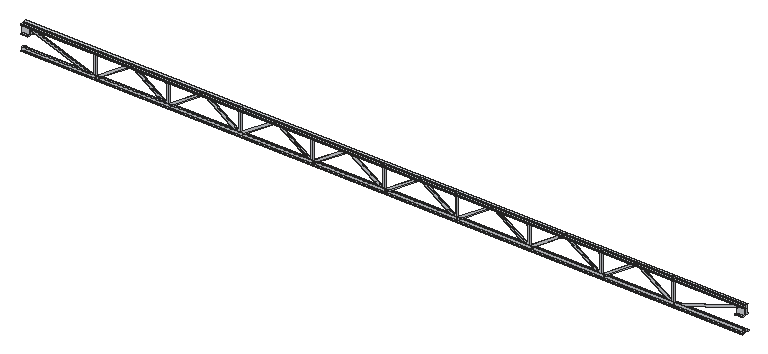
Revit family "M_Viga mestra VG", category Quadro estrutural, Revit 2019
Family settings
  Arredondamento do comprimento do framing estrutural = 1 mm
  Forma do corte = Não definido
  Material para o comportamento do modelo = Aço
  Exportar sempre como geometria = Sim
  Número OmniClass = 23.25.30.21.14.11
  Título OmniClass = Metal Joists
  ID de item do Seek = VG Joist Girder-0000-CAN-ENU
  Sempre na vertical = Sim
  Corte com vazios quando carregada = Não
  Representação simbólica = Da família
  Compartilhado = Não
  Exibir o pré-corte da família na vista da planta = Sim
Parameters (values of type "508VG")
  Espessura da teia = 25 mm
  Visibilidade do membro vertical = yes
  Material estrutural = none
  Deslocamento inicial [instance] = 0 mm
  Extensão inicial do cordão superior [instance] = 0 mm
  SpaceNum [instance] = 10
  Comprimento do assento = 150 mm
  Profundidade do assento [instance] = 190 mm
  LarguraPainel [instance] = Length / SpaceNum  # 1500 mm
  NumMatrizPainel [instance] = SpaceNum - 3  # 7
  Carga de ponto do painel [instance] = 18.00 kN
  Comprimento do deslocamento 2 [instance] = Painel final - Deslocamento final + Extensão final do cordão inferior  # 1500 mm
  Comprimento do deslocamento 1 [instance] = Painel final - Deslocamento inicial + Extensão inicial do cordão inferior  # 1500 mm
  Tipo de viga mestre = "VG"
  Painel final [instance] = LarguraPainel  # 1500 mm
  Deslocamento final [instance] = 0 mm
  Extensão final do cordão superior [instance] = 0 mm
  Linear = 508 mm
  Perna da corda = 63.5 mm
  Espessura da corda = 12.5 mm
  Extensão inicial do cordão inferior [instance] = 0 mm
  Extensão final do cordão inferior [instance] = 0 mm
  Código de montagem = "B1010350"
  Length [instance] = 15000 mm
Reference planes
  plane 1 "Centro (Frente/Trás)": y = 0
  plane 2: z = 0
  plane 3 "Centro (Esquerda/Direita)": x = 689.576
  plane 4 "Membro esquerdo": x = -5888.19
  plane 5 "Membro direito": x = 6786.41
  plane 6: y = 76
  plane 7: y = -76
  plane 8: z = 254
  plane 9: z = -254
  plane 10 "Esquerda": x = -6810.424
  plane 11 "Símbolo esquerdo de verga": x = -7218.19
  plane 12 "Símbolo direito de verga": x = 9375.427
  plane 13 "Direita": x = 8189.576
  plane 14: z = 64
  plane 15: x = -6660.424
  plane 16: x = -5310.424
  plane 17: x = 8039.576
  plane 18: x = 6689.576
  plane 19: y = 12.5
  plane 20: y = -12.5
  plane 21: z = 190.5
  plane 22: z = -190.5
  plane 23: z = -247.65
  plane 24: z = 247.65
  plane 25: x = -6810.424
  plane 26: x = 8189.576
  plane 27: x = -6810.424
  plane 28: x = 8189.576
  plane 29: x = 5189.576
  plane 30: x = -6810.424
  plane 31: x = 8189.576
  plane 32: x = -3810.424
  plane 33 "Esquerda do símbolo": x = -7218.19
  plane 34: x = -7218.19
  plane 35: x = 9375.427
  plane 36 "Direita do símbolo": x = 9375.427
Forms (mm)
  Extrusion 1, solid, material <- "Material estrutural", detail levels medium+fine
    sketch origin (689.576, 0, 0) x (0, 1, 0) y (0, 0, 1)
      loop
        line (76, 254) -> (12.5, 254) -> (12.5, 190.5) -> (25, 190.5) -> (25, 241.5) -> (76, 241.5) -> (76, 254)
      loop
        line (-76, 254) -> (-76, 241.5) -> (-25, 241.5) -> (-25, 190.5) -> (-12.5, 190.5) -> (-12.5, 254) -> (-76, 254)
    from -7500 to 7500
  Extrusion 2, solid, material <- "Material estrutural", detail levels medium+fine
    sketch origin (689.576, 0, 0) x (0, 1, 0) y (0, 0, 1)
      loop
        line (12.5, -190.5) -> (12.5, -254) -> (76, -254) -> (76, -241.5) -> (25, -241.5) -> (25, -190.5) -> (12.5, -190.5)
      loop
        line (-12.5, -190.5) -> (-25, -190.5) -> (-25, -241.5) -> (-76, -241.5) -> (-76, -254) -> (-12.5, -254) -> (-12.5, -190.5)
    from -7500 to 7500
  Extrusion 3, solid, material <- "Material estrutural", detail levels medium+fine
    sketch origin (689.576, 0, 0) x (0, 1, 0) y (0, 0, 1)
      loop
        line (76, 64) -> (76, 76.5) -> (25, 76.5) -> (25, 190.5) -> (12.5, 190.5) -> (12.5, 64) -> (76, 64)
      loop
        line (-76, 64) -> (-12.5, 64) -> (-12.5, 190.5) -> (-25, 190.5) -> (-25, 76.5) -> (-76, 76.5) -> (-76, 64)
    from 7350 to 7500
  Extrusion 4, solid, material <- "Material estrutural", detail levels medium+fine
    sketch origin (689.576, 0, 0) x (0, 1, 0) y (0, 0, 1)
      loop
        line (-76, 64) -> (-12.5, 64) -> (-12.5, 190.5) -> (-25, 190.5) -> (-25, 76.5) -> (-76, 76.5) -> (-76, 64)
      loop
        line (12.5, 64) -> (76, 64) -> (76, 76.5) -> (25, 76.5) -> (25, 190.5) -> (12.5, 190.5) -> (12.5, 64)
    from -7500 to -7350
  Sweep 5, solid, material <- "Material estrutural", detail levels fine
    path in 3D
      loop
        line (6689.576, 0, -247.65) -> (8039.576, 0, 190.5)
    profile "Teia-Perfil : Teia-Perfil" origin (7364.576, 0, -28.575) x (-0.308704, 0, 0.951158) y (0, -1, 0)
      loop
        line (-25.4, 18.85) -> (-25.4, 6.15) -> (25.4, 6.15) -> (25.4, 18.85) -> (-25.4, 18.85)
  Sweep 6, solid, material <- "Material estrutural", detail levels fine
    path in 3D
      loop
        line (-6660.424, 0, 190.5) -> (-5310.424, 0, -247.65)
    profile "Teia-Perfil : Teia-Perfil" origin (-5985.424, 0, -28.575) x (0.308704, 0, 0.951158) y (0, -1, 0)
      loop
        line (-25.4, 6.35) -> (-25.4, -6.35) -> (25.4, -6.35) -> (25.4, 6.35) -> (-25.4, 6.35)
Lines and regions (mm)
  symbolic lines, style "StructuralFraming", detail levels coarse
    curve 1: line (0, 76, 254) -> (0, 12.5, 254)
    curve 2: line (0, -76, -254) -> (0, -12.5, -254)
    curve 12: line (0, 12.5, -254) -> (0, 76, -254)
    curve 13: line (689.576, 12.5, -254) -> (689.576, 12.5, -190.5)
    curve 14: line (689.576, -12.5, -254) -> (689.576, -12.5, -190.5)
    curve 15: line (689.576, -12.5, 254) -> (689.576, -12.5, 190.5)
    curve 16: line (689.576, 12.5, 254) -> (689.576, 12.5, 190.5)
    curve 17: line (0, -12.5, 254) -> (0, -76, 254)
  symbolic lines, style "StructuralFraming", detail levels coarse+medium
    curve 3: line (0, 0, -254) -> (0, 0, 254)
  reference lines
    curve 4: line (-7068.19, 0, -377.508) -> (-7068.19, 0, 333.692)
    curve 5: line (-5568.19, 0, -383.858) -> (-5568.19, 0, 333.692)
    curve 6: line (9225.427, 0, -324.588) -> (9225.427, 0, 335.812)
    curve 7: line (7725.427, 0, -451.588) -> (7725.427, 0, 335.812)
  model lines, style "Viga mestra da travessa", detail levels coarse
    curve 8: line (7725.427, 0, -254) -> (-5568.19, 0, -254)
    curve 9: line (9375.427, 0, 254) -> (-7218.19, 0, 254)
  model lines, style "StructuralFraming", detail levels medium
    curve 10: line (-6660.424, 0, 190.5) -> (-5310.424, 0, -247.65)
    curve 11: line (6689.576, 0, -247.65) -> (8039.576, 0, 190.5)
  model lines, style "Caibro da teia", detail levels coarse
    curve 18: line (-5568.19, 0, -254) -> (-7068.19, 0, 254)
    curve 19: line (7725.427, 0, -254) -> (9225.427, 0, 254)
  sketch lines
    curve 20: line (6689.576, 0, -247.65) -> (8039.576, 0, 190.5)
    curve 21: line (-6660.424, 0, 190.5) -> (-5310.424, 0, -247.65)
  symbolic lines, detail levels fine
    curve 22: line (689.576, 12.5, 247.65) -> (689.576, -12.5, 247.65)
    curve 23: line (689.576, 12.5, -247.65) -> (689.576, -12.5, -247.65)
    curve 24: line (689.576, 12.5, -190.5) -> (689.576, 12.5, 190.5)
    curve 25: line (689.576, -12.5, -190.5) -> (689.576, -12.5, 190.5)
Dimensions and locks
  equal spacing: plane 9, plane 2, plane 8
  "Length": plane 10 "Esquerda" to plane 13 "Direita"
  equal spacing: plane 10 "Esquerda", plane 3 "Centro (Esquerda/Direita)", plane 13 "Direita"
  "Painel final": curve 5 to curve 4
  "Painel final": curve 6 to curve 7
  "Linear": plane 9 to plane 8
  "Profundidade do assento": plane 8 to plane 14
  "Painel final": plane 10 "Esquerda" to plane 16
  "Painel final": plane 13 "Direita" to plane 18
  "Espessura da teia": plane 19 to plane 20
  equal spacing: plane 19, plane 1 "Centro (Frente/Trás)", plane 20
  "Perna da corda": plane 20 to plane 7
  "Perna da corda": plane 6 to plane 19
  "Perna da corda": plane 9 to plane 22
  "Perna da corda": plane 21 to plane 8
  "Espessura da corda": plane 8 to Extrusion 1 sketch curve
  "Espessura da corda": Extrusion 1 sketch curve to plane 8
  "Espessura da corda": plane 20 to Extrusion 1 sketch curve
  "Espessura da corda": Extrusion 1 sketch curve to plane 19
  "Espessura da corda": plane 9 to Extrusion 2 sketch curve  (x2)
  "Espessura da corda": Extrusion 2 sketch curve to plane 19
  "Espessura da corda": plane 20 to Extrusion 2 sketch curve
  "Espessura da corda": plane 14 to Extrusion 3 sketch curve  (x2)
  "Espessura da corda": plane 20 to Extrusion 3 sketch curve
  "Espessura da corda": Extrusion 3 sketch curve to plane 19
  "Espessura da corda": plane 14 to Extrusion 4 sketch curve  (x2)
  "Espessura da corda": Extrusion 4 sketch curve to plane 19
  "Espessura da corda": plane 20 to Extrusion 4 sketch curve
  locked: plane 23 to plane 9 at 6.35
  locked: plane 8 to plane 24 at 6.35
  "Deslocamento inicial": plane 10 "Esquerda" to plane 27
  "Comprimento do assento": plane 27 to plane 15
  "Extensão inicial do cordão superior": plane 25 to plane 27
  "Deslocamento final": plane 28 to plane 13 "Direita"
  "Comprimento do assento": plane 17 to plane 28
  "Extensão final do cordão superior": plane 28 to plane 26
  "LarguraPainel": plane 18 to plane 29
  "Comprimento do deslocamento 1": plane 16 to plane 30
  "Comprimento do deslocamento 2": plane 31 to plane 18
  "LarguraPainel": plane 16 to plane 32
  equal spacing: group 1, group 2, group 3, group 4, group 5, group 6, group 7  (x3)
  "Comprimento do assento": curve 4 to plane 34
  "Extensão inicial do cordão superior": plane 34 to plane 33 "Esquerda do símbolo"
  "Deslocamento inicial": plane 34 to plane 11 "Símbolo esquerdo de verga"
  "Comprimento do assento": plane 35 to curve 6
  "Extensão final do cordão superior": plane 36 "Direita do símbolo" to plane 35
  "Deslocamento final": plane 12 "Símbolo direito de verga" to plane 35
  aligned and locked: curve 8 to plane 9
  aligned and locked: curve 9 to plane 8
  aligned and locked: curve 5 to curve 8
  aligned and locked: curve 7 to curve 8
  aligned and locked: plane 8 to Extrusion 1 sketch curve
  aligned and locked: Extrusion 1 sketch curve to plane 8
  aligned and locked: plane 6 to Extrusion 1 sketch curve
  aligned and locked: plane 7 to Extrusion 1 sketch curve
  aligned and locked: Extrusion 1 sketch curve to plane 21
  aligned and locked: plane 21 to Extrusion 1 sketch curve
  aligned and locked: plane 9 to Extrusion 2 sketch curve
  aligned and locked: Extrusion 2 sketch curve to plane 9
  aligned and locked: plane 6 to Extrusion 2 sketch curve
  aligned and locked: plane 7 to Extrusion 2 sketch curve
  aligned and locked: plane 19 to Extrusion 2 sketch curve
  aligned and locked: plane 20 to Extrusion 2 sketch curve
  aligned and locked: Extrusion 2 sketch curve to plane 22
  aligned and locked: plane 22 to Extrusion 2 sketch curve
  aligned and locked: Extrusion 3 sketch curve to plane 7
  aligned and locked: plane 14 to Extrusion 3 sketch curve
  aligned and locked: Extrusion 3 sketch curve to plane 14
  aligned and locked: Extrusion 3 sketch curve to plane 6
  aligned and locked: Extrusion 3 sketch curve to plane 20
  aligned and locked: Extrusion 3 sketch curve to plane 19
  aligned and locked: Extrusion 3 sketch curve to plane 21
  aligned and locked: plane 21 to Extrusion 3 sketch curve
  aligned and locked: Extrusion 3 to plane 17
  aligned and locked: plane 6 to Extrusion 4 sketch curve
  aligned and locked: Extrusion 4 sketch curve to plane 7
  aligned and locked: Extrusion 4 sketch curve to plane 19
  aligned and locked: plane 20 to Extrusion 4 sketch curve
  aligned and locked: plane 21 to Extrusion 4 sketch curve  (x2)
  aligned and locked: Extrusion 4 sketch curve to plane 14  (x2)
  aligned and locked: plane 15 to Extrusion 4
  aligned and locked: Extrusion 2 to curve 13
  aligned and locked: curve 13 to Extrusion 2
  aligned and locked: curve 2 to curve 14
  aligned and locked: curve 14 to Extrusion 2
  aligned and locked: Extrusion 1 to curve 15
  aligned and locked: curve 15 to Extrusion 1
  aligned and locked: curve 16 to Extrusion 1  (x2)
  aligned and locked: curve 1 to Extrusion 1
  aligned and locked: curve 11 to Extrusion 3
  aligned and locked: curve 4 to curve 18
  aligned and locked: curve 6 to curve 19
  aligned and locked: plane 25 to Extrusion 1
  aligned and locked: Extrusion 3 to plane 26
  aligned and locked: Extrusion 1 to plane 26
  aligned and locked: plane 25 to Extrusion 4
  aligned and locked: plane 15 to curve 10
  aligned and locked: Extrusion 1 to curve 10
  aligned and locked: plane 17 to curve 11
  aligned and locked: plane 1 "Centro (Frente/Trás)" to nested 1
  aligned and locked: nested 1 to plane 16
  aligned and locked: plane 9 to nested 1
  aligned and locked: plane 23 to curve 10
  aligned and locked: plane 16 to curve 10
  aligned and locked: plane 18 to curve 11
  aligned and locked: plane 23 to curve 11
  aligned and locked: Extrusion 2 to plane 30
  aligned and locked: plane 31 to Extrusion 2
  aligned and locked: plane 32 to nested 2
  aligned and locked: nested 2 to plane 8
  aligned and locked: plane 1 "Centro (Frente/Trás)" to nested 8
  aligned and locked: plane 29 to nested 8
  aligned and locked: nested 8 to plane 8
  aligned and locked: plane 33 "Esquerda do símbolo" to curve 9
  aligned and locked: plane 36 "Direita do símbolo" to curve 9
Automatic sketch dimensions
  Extrusion 1 sketch curve to plane 20 = 0 mm
  Extrusion 1 sketch curve to plane 19 = 0 mm
  curve 12 to plane 6 = 0 mm
  curve 1 to plane 6 = 0 mm
  curve 12 to plane 9 = 0 mm
  curve 12 to plane 19 = 0 mm
  curve 1 to plane 19 = 0 mm
  curve 17 to plane 8 = 0 mm
  curve 17 to plane 20 = 0 mm
  curve 17 to plane 7 = 0 mm
  plane 9 to curve 7 = 197.588 mm
  plane 9 to curve 5 = 129.858 mm
  plane 9 to curve 4 = 123.508 mm
  plane 9 to curve 6 = 70.588 mm
  curve 5 to plane 8 = 79.692 mm
  curve 4 to plane 8 = 79.692 mm
  curve 7 to plane 8 = 81.812 mm
  curve 6 to plane 8 = 81.812 mm
  curve 2 to plane 7 = 0 mm
  curve 2 to plane 9 = 0 mm
  curve 2 to plane 20 = 0 mm
  curve 3 to plane 1 "Centro (Frente/Trás)" = 0 mm
  curve 3 to plane 9 = 0 mm
  curve 23 to plane 23 = 0 mm
  curve 25 to plane 22 = 0 mm
  curve 24 to plane 22 = 0 mm
  curve 16 to plane 21 = 0 mm
  curve 15 to plane 21 = 0 mm
  curve 22 to plane 24 = 0 mm
  curve 3 to plane 8 = 0 mm
Nested families
  nested 1: "Teia angular VG" at (-5310.424, 0, 0), type "Teia angular VG"
  nested 2: "Teia angular VG" at (-3810.424, 0, 0), type "Teia angular VG"
  nested 3: "Teia angular VG" at (-2310.424, 0, 0), type "Teia angular VG"
  nested 4: "Teia angular VG" at (-810.424, 0, 0), type "Teia angular VG"
  nested 5: "Teia angular VG" at (689.576, 0, 0), type "Teia angular VG"
  nested 6: "Teia angular VG" at (2189.576, 0, 0), type "Teia angular VG"
  nested 7: "Teia angular VG" at (3689.576, 0, 0), type "Teia angular VG"
  nested 8: "Teia angular VG-Direita" at (5189.576, 0, 0), type "Teia angular VG-Direita"
Definition of nested family "Teia angular VG"
  Parameters
    MaterialTeia = none
    Espessura da teia = Espessura / 2  # 12.5 mm
    Deslocamento da teia = Perna da teia / 2  # 25.4 mm
    Perna da teia = 50.8 mm
    Visibilidade do membro vertical = yes
    Espessura = 25 mm
    AlturaPainel = 508 mm
    LarguraPainel = 1500 mm
    Assembly Code = ""
  Reference planes
    plane 1 "Centro (Frente/Trás)": y = 0
    plane 2: z = 0
    plane 3 "Centro (Esquerda/Direita)": x = 0
    plane 4: x = 1500
    plane 5: x = 750
    plane 6: z = -254
    plane 7: z = -228.6
    plane 8: z = 229
    plane 9: z = 254
    plane 10: y = -12.5
    plane 11: y = 12.5
    plane 12: z = 190.5
    plane 13: z = -190.5
  Forms (mm)
    Sweep 1, solid, material <- "MaterialTeia", detail levels fine
      path in 3D
        loop
          line (0, 0, -228.6) -> (25.4, 0, -228.6) -> (724.6, 0, 229) -> (775.4, 0, 229)
      profile origin (12.7, 0, -228.6) x (0, 0, 1) y (0, -1, 0)
        loop
          line (25.4, 0) -> (25.4, 12.5) -> (-25.4, 12.5) -> (-25.4, 0) -> (25.4, 0)
    Sweep 2, solid, material <- "MaterialTeia", detail levels fine
      path in 3D
        loop
          line (1500, 0, -228.6) -> (1474.6, 0, -228.6) -> (775.4, 0, 229) -> (724.6, 0, 229)
      profile origin (1487.3, 0, -228.6) x (0, 0, -1) y (0, -1, 0)
        loop
          line (-25.4, -12.5) -> (25.4, -12.5) -> (25.4, 0) -> (-25.4, 0) -> (-25.4, -12.5)
    Sweep 3, solid, material <- "MaterialTeia", detail levels fine
      path in 3D
        loop
          line (108.114, -12.5, -204.823) -> (717.145, -12.5, 193.765)
      profile origin (412.629, -12.5, -5.529) x (-0.54761, 0, 0.836733) y (0, -1, 0)
        loop
          line (0, 0) -> (12.5, 0) -> (12.5, 38.3) -> (0, 38.3) -> (0, 0)
    Sweep 4, solid, material <- "MaterialTeia", detail levels fine
      path in 3D
        loop
          line (1391.886, 12.5, -204.823) -> (782.855, 12.5, 193.765)
      profile origin (1087.371, 12.5, -5.529) x (0.54761, 0, 0.836733) y (0, 1, 0)
        loop
          line (0, 0) -> (12.5, 0) -> (12.5, 38.3) -> (0, 38.3) -> (0, 0)
    Sweep 5, solid, material <- "MaterialTeia", visible <- "Visibilidade do membro vertical", detail levels fine
      path origin (0, 0, 0) x (1, 0, 0) y (0, 1, 0)
        loop
          line (0, 12.5) -> (0, -12.5)
      profile origin (0, 0, 0) x (1, 0, 0) y (0, 0, 1)
        loop
          line (-25.4, 254) -> (-25.4, 171.45) -> (-14.287, 160.338) -> (-14.287, -160.338) -> (-25.4, -171.45) -> (-25.4, -254) -> (25.4, -254) -> (25.4, 254) -> (-25.4, 254)
  Cuts and joins
    joined: Sweep 2, Sweep 4
  Lines and regions (mm)
    model lines, detail levels medium+fine
      curve 1: line (0, 0, -254) -> (0, 0, 254)
      curve 2: line (0, 0, 254) -> (1500, 0, 254)
      curve 3: line (1500, 0, 254) -> (1500, 0, -254)
      curve 4: line (1500, 0, -254) -> (0, 0, -254)
    model lines, detail levels medium
      curve 5: line (724.6, 0, 229) -> (775.4, 0, 229)
      curve 6: line (0, 0, -228.6) -> (25.4, 0, -228.6)
      curve 7: line (1500, 0, -228.6) -> (1474.6, 0, -228.6)
      curve 8: line (25.4, 0, -228.6) -> (724.6, 0, 229)
      curve 9: line (775.4, 0, 229) -> (1474.6, 0, -228.6)
    sketch lines
      curve 10: line (0, 0, -228.6) -> (25.4, 0, -228.6)
      curve 11: line (25.4, 0, -228.6) -> (724.6, 0, 229)
      curve 12: line (724.6, 0, 229) -> (775.4, 0, 229)
      curve 13: line (1500, 0, -228.6) -> (1474.6, 0, -228.6)
      curve 14: line (775.4, 0, 229) -> (1474.6, 0, -228.6)
      curve 15: line (724.6, 0, 229) -> (775.4, 0, 229)
      curve 16: line (108.114, -12.5, -204.823) -> (717.145, -12.5, 193.765)
      curve 17: line (1391.886, 12.5, -204.823) -> (782.855, 12.5, 193.765)
    model lines, visible <- "Visibilidade do membro vertical", detail levels medium
      curve 18: line (0, 0, 254) -> (0, 0, -254)
  Dimensions and locks
    "LarguraPainel": plane 4 to plane 3 "Centro (Esquerda/Direita)"
    equal spacing: plane 4, plane 5, plane 3 "Centro (Esquerda/Direita)"
    plane 7 to plane 6 = 25.4 mm
    "Espessura": plane 9 to plane 8
    "AlturaPainel": plane 9 to plane 6
    equal spacing: plane 9, plane 2, plane 6
    "Espessura": plane 11 to plane 10
    equal spacing: plane 11, plane 1 "Centro (Frente/Trás)", plane 10
    locked: plane 9 to plane 12 at 63.5
    plane 13 to plane 6 = 63.5 mm
    "Deslocamento da teia": plane 7 to plane 6
    "Deslocamento da teia": curve 6 to plane 3 "Centro (Esquerda/Direita)"
    "Deslocamento da teia": curve 7 to plane 4
    "Deslocamento da teia": plane 5 to curve 5
    "Deslocamento da teia": curve 5 to plane 5
    "Perna da teia": Sweep 1 sketch curve to Sweep 1 sketch curve
    equal spacing: Sweep 1 sketch curve, plane 7, Sweep 1 sketch curve
    equal spacing: Sweep 2 sketch curve, profile plane, Sweep 2 sketch curve
    "Perna da teia": Sweep 2 sketch curve to Sweep 2 sketch curve
    "Perna da teia": plane 1 "Centro (Frente/Trás)" to Sweep 3 sketch curve
    "Espessura da teia": Sweep 3 sketch curve to Sweep 3 sketch curve
    "Perna da teia": plane 1 "Centro (Frente/Trás)" to Sweep 4 sketch curve
    "Espessura da teia": Sweep 4 sketch curve to Sweep 4 sketch curve
    equal spacing: Sweep 5 sketch curve, plane 3 "Centro (Esquerda/Direita)", Sweep 5 sketch curve
    "Perna da teia": Sweep 5 sketch curve to Sweep 5 sketch curve  (x2)
    locked: Sweep 5 sketch curve to Sweep 5 sketch curve at 82.55  (x2)
    locked: Sweep 5 sketch curve to Sweep 5 sketch curve at 11.113
    equal spacing: Sweep 5 sketch curve, plane 2, Sweep 5 sketch curve
    locked: Sweep 5 sketch curve to Sweep 5 sketch curve (angle 45.00°)  (x2)
    aligned and locked: plane 8 to curve 5
    aligned and locked: curve 7 to plane 7
    aligned and locked: plane 7 to curve 6
    aligned and locked: plane 10 to Sweep 1 sketch curve
    aligned and locked: Sweep 1 sketch curve to plane 1 "Centro (Frente/Trás)"
    aligned and locked: Sweep 2 sketch curve to plane 11
    aligned and locked: profile plane to Sweep 2 sketch curve
    aligned and locked: Sweep 1 to curve 16
    aligned and locked: Sweep 3 sketch curve to profile plane
    aligned and locked: plane 10 to Sweep 3 sketch curve
    aligned and locked: Sweep 4 sketch curve to plane 11
    aligned and locked: profile plane to Sweep 4 sketch curve
    aligned and locked: plane 11 to Sweep 5 sketch curve
    aligned and locked: plane 10 to Sweep 5 sketch curve
    aligned and locked: Sweep 5 sketch curve to plane 3 "Centro (Esquerda/Direita)"
    aligned and locked: Sweep 5 sketch curve to plane 6
    aligned and locked: Sweep 5 sketch curve to plane 9
    aligned and locked: curve 18 to plane 3 "Centro (Esquerda/Direita)"
    aligned and locked: plane 9 to curve 18
    aligned and locked: plane 6 to curve 18
  Automatic sketch dimensions
    curve 3 to plane 4 = 0 mm
Definition of nested family "Teia angular VG-Direita"
  Parameters
    MaterialTeia = none
    Espessura da teia = Espessura / 2  # 12.5 mm
    Deslocamento da teia = Perna da teia / 2  # 25.4 mm
    Perna da teia = 50.8 mm
    Visibilidade do membro vertical = yes
    Espessura = 25 mm
    AlturaPainel = 508 mm
    LarguraPainel = 1500 mm
    Assembly Code = ""
  Reference planes
    plane 1 "Centro (Frente/Trás)": y = 0
    plane 2: z = 0
    plane 3 "Centro (Esquerda/Direita)": x = 0
    plane 4: x = 1500
    plane 5: x = 750
    plane 6: z = -254
    plane 7: z = -228.6
    plane 8: z = 229
    plane 9: z = 254
    plane 10: y = -12.5
    plane 11: y = 12.5
    plane 12: z = 190.5
    plane 13: z = -190.5
  Forms (mm)
    Sweep 1, solid, material <- "MaterialTeia", detail levels fine
      path in 3D
        loop
          line (0, 0, -228.6) -> (25.4, 0, -228.6) -> (724.6, 0, 229) -> (775.4, 0, 229)
      profile origin (12.7, 0, -228.6) x (0, 0, 1) y (0, -1, 0)
        loop
          line (25.4, 0) -> (25.4, 12.5) -> (-25.4, 12.5) -> (-25.4, 0) -> (25.4, 0)
    Sweep 2, solid, material <- "MaterialTeia", detail levels fine
      path in 3D
        loop
          line (1500, 0, -228.6) -> (1474.6, 0, -228.6) -> (775.4, 0, 229) -> (724.6, 0, 229)
      profile origin (1487.3, 0, -228.6) x (0, 0, -1) y (0, -1, 0)
        loop
          line (-25.4, -12.5) -> (25.4, -12.5) -> (25.4, 0) -> (-25.4, 0) -> (-25.4, -12.5)
    Sweep 3, solid, material <- "MaterialTeia", detail levels fine
      path in 3D
        loop
          line (108.114, -12.5, -204.823) -> (717.145, -12.5, 193.765)
      profile origin (412.629, -12.5, -5.529) x (-0.54761, 0, 0.836733) y (0, -1, 0)
        loop
          line (0, 0) -> (12.5, 0) -> (12.5, 38.3) -> (0, 38.3) -> (0, 0)
    Sweep 4, solid, material <- "MaterialTeia", detail levels fine
      path in 3D
        loop
          line (1391.886, 12.5, -204.823) -> (782.855, 12.5, 193.765)
      profile origin (1087.371, 12.5, -5.529) x (0.54761, 0, 0.836733) y (0, 1, 0)
        loop
          line (0, 0) -> (12.5, 0) -> (12.5, 38.3) -> (0, 38.3) -> (0, 0)
    Sweep 5, solid, material <- "MaterialTeia", visible <- "Visibilidade do membro vertical", detail levels fine
      path origin (0, 0, 0) x (1, 0, 0) y (0, 1, 0)
        loop
          line (0, 12.5) -> (0, -12.5)
      profile origin (0, 0, 0) x (1, 0, 0) y (0, 0, 1)
        loop
          line (-25.4, 254) -> (-25.4, 171.45) -> (-14.287, 160.337) -> (-14.287, -160.337) -> (-25.4, -171.45) -> (-25.4, -254) -> (25.4, -254) -> (25.4, 254) -> (-25.4, 254)
    Sweep 6, solid, material <- "MaterialTeia", visible <- "Visibilidade do membro vertical", detail levels fine
      path origin (0, 0, 0) x (1, 0, 0) y (0, 1, 0)
        loop
          line (1500, 12.5) -> (1500, -12.5)
      profile origin (1500, 0, 0) x (1, 0, 0) y (0, 0, 1)
        loop
          line (-25.4, 254) -> (-25.4, 171.45) -> (-14.288, 160.337) -> (-14.288, -160.337) -> (-25.4, -171.45) -> (-25.4, -254) -> (25.4, -254) -> (25.4, 254) -> (-25.4, 254)
  Cuts and joins
    joined: Sweep 1, Sweep 3
  Lines and regions (mm)
    model lines, detail levels medium+fine
      curve 1: line (0, 0, -254) -> (0, 0, 254)
      curve 2: line (0, 0, 254) -> (1500, 0, 254)
      curve 3: line (1500, 0, 254) -> (1500, 0, -254)
      curve 4: line (1500, 0, -254) -> (0, 0, -254)
    model lines, detail levels medium
      curve 5: line (724.6, 0, 229) -> (775.4, 0, 229)
      curve 6: line (0, 0, -228.6) -> (25.4, 0, -228.6)
      curve 7: line (1500, 0, -228.6) -> (1474.6, 0, -228.6)
      curve 8: line (25.4, 0, -228.6) -> (724.6, 0, 229)
      curve 9: line (775.4, 0, 229) -> (1474.6, 0, -228.6)
    sketch lines
      curve 10: line (0, 0, -228.6) -> (25.4, 0, -228.6)
      curve 11: line (25.4, 0, -228.6) -> (724.6, 0, 229)
      curve 12: line (724.6, 0, 229) -> (775.4, 0, 229)
      curve 13: line (1500, 0, -228.6) -> (1474.6, 0, -228.6)
      curve 14: line (775.4, 0, 229) -> (1474.6, 0, -228.6)
      curve 15: line (724.6, 0, 229) -> (775.4, 0, 229)
      curve 16: line (108.114, -12.5, -204.823) -> (717.145, -12.5, 193.765)
      curve 17: line (1391.886, 12.5, -204.823) -> (782.855, 12.5, 193.765)
    model lines, visible <- "Visibilidade do membro vertical", detail levels medium
      curve 18: line (0, 0, 254) -> (0, 0, -254)
      curve 19: line (1500, 0, 254) -> (1500, 0, -254)
  Dimensions and locks
    "LarguraPainel": plane 4 to plane 3 "Centro (Esquerda/Direita)"
    equal spacing: plane 4, plane 5, plane 3 "Centro (Esquerda/Direita)"
    plane 7 to plane 6 = 25.4 mm
    "Espessura": plane 9 to plane 8
    "AlturaPainel": plane 9 to plane 6
    equal spacing: plane 9, plane 2, plane 6
    "Espessura": plane 11 to plane 10
    equal spacing: plane 11, plane 1 "Centro (Frente/Trás)", plane 10
    locked: plane 9 to plane 12 at 63.5
    plane 13 to plane 6 = 63.5 mm
    "Deslocamento da teia": plane 7 to plane 6
    "Deslocamento da teia": curve 6 to plane 3 "Centro (Esquerda/Direita)"
    "Deslocamento da teia": curve 7 to plane 4
    "Deslocamento da teia": plane 5 to curve 5
    "Deslocamento da teia": curve 5 to plane 5
    "Perna da teia": Sweep 1 sketch curve to Sweep 1 sketch curve
    equal spacing: Sweep 1 sketch curve, plane 7, Sweep 1 sketch curve
    equal spacing: Sweep 2 sketch curve, profile plane, Sweep 2 sketch curve
    "Perna da teia": Sweep 2 sketch curve to Sweep 2 sketch curve
    "Perna da teia": plane 1 "Centro (Frente/Trás)" to Sweep 3 sketch curve
    "Espessura da teia": Sweep 3 sketch curve to Sweep 3 sketch curve
    "Perna da teia": plane 1 "Centro (Frente/Trás)" to Sweep 4 sketch curve
    "Espessura da teia": Sweep 4 sketch curve to Sweep 4 sketch curve
    equal spacing: Sweep 5 sketch curve, plane 3 "Centro (Esquerda/Direita)", Sweep 5 sketch curve
    "Perna da teia": Sweep 5 sketch curve to Sweep 5 sketch curve  (x2)
    locked: Sweep 5 sketch curve to Sweep 5 sketch curve at 82.55  (x2)
    locked: Sweep 5 sketch curve to Sweep 5 sketch curve at 11.113
    equal spacing: Sweep 5 sketch curve, plane 2, Sweep 5 sketch curve
    equal spacing: Sweep 6 sketch curve, plane 4, Sweep 6 sketch curve
    "Perna da teia": Sweep 6 sketch curve to Sweep 6 sketch curve  (x2)
    locked: Sweep 6 sketch curve to Sweep 6 sketch curve at 82.55  (x2)
    locked: Sweep 6 sketch curve to Sweep 6 sketch curve at 11.113
    equal spacing: Sweep 6 sketch curve, plane 2, Sweep 6 sketch curve
    locked: Sweep 5 sketch curve to Sweep 5 sketch curve (angle 45.00°)  (x2)
    locked: Sweep 6 sketch curve to Sweep 6 sketch curve (angle 45.00°)  (x2)
    aligned and locked: plane 8 to curve 5
    aligned and locked: curve 7 to plane 7
    aligned and locked: plane 7 to curve 6
    aligned and locked: plane 10 to Sweep 1 sketch curve
    aligned and locked: Sweep 1 sketch curve to plane 1 "Centro (Frente/Trás)"
    aligned and locked: Sweep 2 sketch curve to plane 11
    aligned and locked: profile plane to Sweep 2 sketch curve
    aligned and locked: Sweep 1 to curve 16
    aligned and locked: Sweep 3 sketch curve to profile plane
    aligned and locked: plane 10 to Sweep 3 sketch curve
    aligned and locked: Sweep 4 sketch curve to plane 11
    aligned and locked: profile plane to Sweep 4 sketch curve
    aligned and locked: plane 11 to Sweep 5 sketch curve
    aligned and locked: plane 10 to Sweep 5 sketch curve
    aligned and locked: Sweep 5 sketch curve to plane 3 "Centro (Esquerda/Direita)"
    aligned and locked: Sweep 5 sketch curve to plane 6
    aligned and locked: Sweep 5 sketch curve to plane 9
    aligned and locked: curve 18 to plane 3 "Centro (Esquerda/Direita)"
    aligned and locked: plane 9 to curve 18
    aligned and locked: plane 6 to curve 18
    aligned and locked: plane 4 to Sweep 6 sketch curve
    aligned and locked: Sweep 6 sketch curve to plane 11
    aligned and locked: Sweep 6 sketch curve to plane 10
    aligned and locked: plane 9 to Sweep 6 sketch curve
    aligned and locked: Sweep 6 sketch curve to plane 6
    aligned and locked: plane 4 to curve 19
    aligned and locked: curve 19 to plane 9
    aligned and locked: plane 6 to curve 19
Types in the file's own list only (13): name | Visibilidade do membro vertical | Linear | Perna da corda | Espessura da corda
  610VG | Sim | 610 mm | 64 mm | 13 mm
  711VG | Sim | 711 mm | 64 mm | 13 mm
  813VG | Sim | 813 mm | 64 mm | 13 mm
  914VG | Sim | 914 mm | 64 mm | 13 mm
  1016VG | Sim | 1016 mm | 64 mm | 13 mm
  1118VG | Sim | 1118 mm | 64 mm | 13 mm
  1219VG | Sim | 1219 mm | 64 mm | 13 mm
  1321VG | Sim | 1321 mm | 64 mm | 13 mm
  1422VG | Sim | 1422 mm | 64 mm | 13 mm
  1524VG | Sim | 1524 mm | 64 mm | 13 mm
  1626VG | Sim | 1626 mm | 64 mm | 13 mm
  1727VG | Sim | 1727 mm | 64 mm | 13 mm
  1829VG | Sim | 1829 mm | 64 mm | 13 mm
